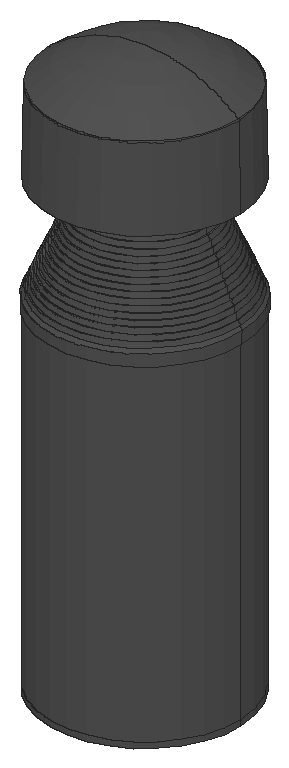
Revit family "0047942 Sylvania Lighting Fixture START Bollard M IP65 1100lm 840 BLK", category Lighting Fixtures, host Face, Revit 2016
Family settings
  Host = Face
  Part Type = Normal
  Round Connector Dimension = Use Diameter
  OmniClass Number = 23.80.70.00
  OmniClass Title = Lighting
  Cut with Voids When Loaded = No
  Light Source = Yes
  Shared = No
  Room Calculation Point = No
Parameters (values of type "0047942 ST BLLRD M IP65 1100LM 840 BLK")
  Weight = "5.5 kg"
  Wattage Comments = ""
  Wattage = 25.82 W
  WarrantyStartDate [instance] = "n/a"
  WarrantyGuarantorParts = "n/a"
  WarrantyDurationUnit = "n/a"
  WarrantyDurationParts = "n/a"
  WarrantyDescription = "n/a"
  built-in parameter 1150110 = 1 (stored number, unit not read)
  Voltage = 0 V
  URL = "http://www.sylvania-lighting.com"
  TypeName = "START Bollard M IP65 1100lm 840 BLK"
  Type Image = <None>
  Type Comments = "n/a"
  built-in parameter 1114217 = 1 (stored number, unit not read)
  Tilt Angle = 90.00°
  built-in parameter 1150109 = 1 (stored number, unit not read)
  built-in parameter 1150134 = 12
  built-in parameter 1150113 = 1 (stored number, unit not read)
  SerialNumber [instance] = "n/a"
  Photometric Web File = "0047942.ies"
  Material_3_FEILO = none
  PowerFactor = 0
  PowerConsumption = "25.82 W"
  NominalLength = 168 mm
  NominalHeight = 500 mm
  NominalDepth = 168 mm
  Name = "START Bollard M IP65 1100lm 840 BLK"
  ModelReference = Name  # "START Bollard M IP65 1100lm 840 BLK"
  ModelNumber = "0047942"
  Model = Name  # "START Bollard M IP65 1100lm 840 BLK"
  Material = "n/a"
  ManufacturerName = "Feilo Sylvania"
  Manufacturer = "Feilo Sylvania"
  LuminousEfficacy = "42.42 lm/W"
  built-in parameter 1150105 = 313.92 (stored number, unit not read)
  Lumens = 1095.28 lm
  LuminaireType = ""
  built-in parameter 1150115 = 1 (stored number, unit not read)
  LightOutputRatio = "n/a"
  built-in parameter 1150137 = (empty or 0)
  built-in parameter 1150139 = (empty or 0)
  LampsType = Lamp  # "LED"
  LampNominalLuminous = "n/a"
  LampMacAdamStep = "n/a"
  LampColourTemperature = "4000 K"
  LampColourRenderingIndex = "80"
  built-in parameter 1150112 = 1 (stored number, unit not read)
  built-in parameter 1150114 = 1 (stored number, unit not read)
  Lamp = "LED"
  Keynote = "16500"
  InstallationDate [instance] = "n/a"
  InputVoltage = "220-240V~"
  InputNominalFrequency = "50/60 Hz"
  built-in parameter 1150132 = (empty or 0)
  built-in parameter 1150102 = (empty or 0)
  built-in parameter 1150107 = 4000 (stored number, unit not read)
  built-in parameter 1150138 = (empty or 0)
  IngressProtection = "IK10"
  ImpactProtectionIndex = "IP65"
  built-in parameter 1150106 = 3.1392 (stored number, unit not read)
  IfcExportType = "IfcLightFixtureType"
  IfcExportAs = "IfcLightFixtureType"
  Height_SYL = 500 mm
  ExpectedLife = 50000
  built-in parameter 1150129 = 120 mm
  Emit Shape Visible in Rendering = no
  ElectricShockClassification = "Class I"
  built-in parameter 1150104 = 3.9409 (stored number, unit not read)
  DurationUnit = "hours"
  DocumentationLiterature = "http://www.sylvania-lighting.com/product/en-int/products/0047942"
  DimmingControlOptions = "Non dimmable"
  Material_2_FEILO = Diffuser-Sylvania-StartBollardIP65
  Dimming Lamp Color Temperature Shift = <None>
  Description = "0"
  Default Elevation = 1219.2 mm
  CreatedOn = "9/20/2018"
  CreatedBy = "@sylvania-lighting.com"
  Cost = 0
  Color Filter = 16777215
  built-in parameter 1114216 [instance] = (empty or 0)
  ClassificationValue = "EF_70_80"
  ClassificationName = "Uniclass2015"
  Material_1_FEILO = Body-Sylvania-StartBollardIP65
  BarCode [instance] = "n/a"
  built-in parameter 1114218 = 1 (stored number, unit not read)
  Emit from Circle Diameter = 3048 mm
  AssetType = "Fixed"
  AssetIdentifier [instance] = "n/a"
  Assembly Code = "D5020200"
  Apparent Load = 25.82 VA
  Material_4_FEILO = none
Reference planes
  plane 1 "Center (Front/Back)": y = 0
  plane 2: z = 0
  plane 3 "Center (Left/Right)": x = 0
  plane 4: z = 5
  plane 5: x = -83.65
  plane 6: z = 500
  plane 7: z = 297
  plane 8: z = 307
  plane 9: x = -84.5
  plane 10: z = 310.3
  plane 11: x = -82.2
  plane 12: z = 314.7
  plane 13: z = 319.1
  plane 14: z = 323.5
  plane 15: z = 327.9
  plane 16: z = 332.3
  plane 17: z = 336.7
  plane 18: z = 341.1
  plane 19: z = 345.5
  plane 20: z = 349.9
  plane 21: z = 354.3
  plane 22: z = 358.7
  plane 23: z = 363.1
  plane 24: z = 367.5
  plane 25: z = 371.9
  plane 26: z = 376.3
  plane 27: z = 380.7
  plane 28: z = 385.1
  plane 29: z = 389.5
  plane 30: z = 393.9
  plane 31: z = 398.3
  plane 32: x = -81.2
  plane 33: x = -80.2
  plane 34: x = -79.2
  plane 35: x = -78.2
  plane 36: x = -77.2
  plane 37: x = -76.2
  plane 38: x = -75.2
  plane 39: x = -74.2
  plane 40: x = -73.2
  plane 41: x = -72.2
  plane 42: x = -71.2
  plane 43: x = -70.2
  plane 44: x = -69.2
  plane 45: x = -68.2
  plane 46: x = -67.2
  plane 47: x = -66.2
  plane 48: x = -65.2
  plane 49: x = -64.2
  plane 50: x = -63.2
  plane 51: x = -62.2
  plane 52: x = -61.2
  plane 53: x = -60.2
  plane 54: x = -59.2
  plane 55: x = -58.2
  plane 56: x = -57.2
  plane 57: x = -56.2
  plane 58: x = -55.2
  plane 59: x = -54.2
  plane 60: x = -53.2
  plane 61: x = -52.2
  plane 62: x = -51.2
  plane 63: x = -50.2
  plane 64: x = -49.2
  plane 65: x = -48.2
  plane 66: x = -47.2
  plane 67: x = -46.2
  plane 68: x = -45.2
  plane 69: x = -44.2
  plane 70: x = -43.2
  plane 71: x = -42.2
  plane 72: z = 470
  plane 73: z = 470.85
  plane 74: z = 428.3
  plane 75: z = 401.3
Forms (mm)
  Revolve 1, solid, material "Body-Sylvania-StartBollardIP65" <- "Material_1_FEILO"
    sketch origin (0, 0, 0) x (1, 0, 0) y (0, 0, 1)
      loop
        line (0, 5) -> (-83.65, 5) -> (-83.65, 0) -> (0, 0) -> (0, 5)
      axis (0, 5) -> (0, 0)
    angle from 360 to 0
  Revolve 2, solid, material "Body-Sylvania-StartBollardIP65" <- "Material_1_FEILO"
    sketch origin (0, 0, 0) x (1, 0, 0) y (0, 0, 1)
      loop
        line (0, 5) -> (0, 307) -> (-84.5, 307) -> (-84.5, 297) -> (-83.65, 297) -> (-83.65, 5) -> (0, 5)
      axis (0, 307) -> (0, 5)
    angle from 360 to 0
  Revolve 3, solid, material "Body-Sylvania-StartBollardIP65" <- "Material_1_FEILO", detail levels medium+fine
    sketch origin (0, 0, 0) x (1, 0, 0) y (0, 0, 1)
      loop
        line (-84.5, 307) -> (0, 307) -> (0, 428.3) -> (-43.2, 428.3) -> (-43.2, 398.3) -> (-44.2, 393.9) -> (-45.2, 393.9) -> (-46.2, 389.5) -> (-47.2, 389.5) -> (-48.2, 385.1) -> (-49.2, 385.1) -> (-50.2, 380.7) -> (-51.2, 380.7) -> (-52.2, 376.3) -> (-53.2, 376.3) -> (-54.2, 371.9) -> (-55.2, 371.9) -> (-56.2, 367.5) -> (-57.2, 367.5) -> (-58.2, 363.1) -> (-59.2, 363.1) -> (-60.2, 358.7) -> (-61.2, 358.7) -> (-62.2, 354.3) -> (-63.2, 354.3) -> (-64.2, 349.9) -> (-65.2, 349.9) -> (-66.2, 345.5) -> (-67.2, 345.5) -> (-68.2, 341.1) -> (-69.2, 341.1) -> (-70.2, 336.7) -> (-71.2, 336.7) -> (-72.2, 332.3) -> (-73.2, 332.3) -> (-74.2, 327.9) -> (-75.2, 327.9) -> (-76.2, 323.5) -> (-77.2, 323.5) -> (-78.2, 319.1) -> (-79.2, 319.1) -> (-80.2, 314.7) -> (-81.2, 314.7) -> (-82.2, 310.3) -> (-84.5, 307)
      axis (0, 428.3) -> (0, 307)
    angle from 360 to 0
  Revolve 4, solid, material "Body-Sylvania-StartBollardIP65" <- "Material_1_FEILO"
    sketch origin (0, 0, 0) x (1, 0, 0) y (0, 0, 1)
      loop
        line (-83.65, 398.3) -> (-80.2, 398.3) -> (-80.2, 428.3) -> (0, 428.3) -> (0, 500)
        arc (0, 500) -> (-43.385, 492.494) -> (-81.727, 470.85) r 129.142
        arc (-81.727, 470.85) -> (-82.074, 470.486) -> (-82.2, 470) r 1
        line (-82.2, 470) -> (-83.65, 398.3)
      axis (0, 500) -> (0, 398.3)
    angle from 360 to 0
  Revolve 5, solid, material "Body-Sylvania-StartBollardIP65" <- "Material_1_FEILO", detail levels coarse
    sketch origin (0, 0, 0) x (1, 0, 0) y (0, 0, 1)
      loop
        line (0, 307) -> (0, 428.3) -> (-43.2, 428.3) -> (-43.2, 398.3) -> (-84.5, 307) -> (0, 307)
      axis (0, 428.3) -> (0, 307)
    angle from 360 to 0
  Revolve 6, solid, material "Diffuser-Sylvania-StartBollardIP65" <- "Material_2_FEILO"
    sketch origin (0, 0, 0) x (1, 0, 0) y (0, 0, 1)
      loop
        line (-80.2, 401.3) -> (-80.2, 398.3) -> (-43.2, 398.3) -> (-43.2, 401.3) -> (-80.2, 401.3)
      axis (0, 401.3) -> (0, 398.3)
    angle from 360 to 0
Dimensions and locks
  locked: plane 4 to plane 2 at 5
  plane 3 "Center (Left/Right)" to plane 5 = 83.65 mm
  "Height_SYL": plane 6 to plane 2
  locked: plane 3 "Center (Left/Right)" to plane 9 at 84.5
  plane 3 "Center (Left/Right)" to plane 11 = 82.2 mm
  locked: plane 11 to plane 9 at 2.3
  plane 10 to plane 8 to plane 7 = 3.3 mm locked, 10 mm locked
  plane 5 to plane 9 = 0.85 mm
  equal spacing: plane 31, plane 30, plane 29, plane 28, plane 27, plane 26, plane 25, plane 24, plane 23, plane 22, plane 21, plane 20, plane 19, plane 18, plane 17, plane 16, plane 15, plane 14, plane 13, plane 12, plane 10, locked at 4.4 each
  locked: plane 31 to plane 8 at 91.3
  equal spacing: plane 67, plane 66, plane 65, plane 64, plane 63, plane 62, plane 61, plane 60, plane 59, plane 58, plane 57, plane 56, plane 55, plane 54, plane 53, plane 52, plane 51, plane 50, plane 49, plane 48, plane 47, plane 46, plane 45, plane 44, plane 43, plane 42, plane 41, plane 40, plane 39, plane 38, plane 37, plane 36, plane 35, plane 34, plane 33, plane 32, plane 11
  equal spacing: plane 70, plane 69, plane 68, plane 67
  locked: plane 71 to plane 70 at 1
  locked: plane 67 to plane 11 at 36
  locked: plane 70 to plane 67 at 3
  locked: plane 6 to plane 72 at 30
  locked: plane 73 to plane 72 at 0.85
  locked: plane 74 to plane 31 at 30
  locked: plane 75 to plane 31 at 3
  locked: plane 6 to plane 7 at 203
  aligned and locked: plane 2 to host face
  aligned and locked: level to host face
  aligned and locked: Revolve 1 sketch curve to plane 3 "Center (Left/Right)"
  aligned and locked: plane 4 to Revolve 1 sketch curve
  aligned and locked: plane 3 "Center (Left/Right)" to Revolve 1 sketch curve
  aligned and locked: Revolve 1 sketch curve to level
  aligned and locked: Revolve 1 sketch curve to plane 5
  aligned and locked: Revolve 2 sketch curve to plane 3 "Center (Left/Right)"  (x2)
  aligned and locked: plane 3 "Center (Left/Right)" to Revolve 2 sketch curve
  aligned and locked: Revolve 2 sketch curve to Revolve 1  (x2)
  aligned and locked: plane 8 to Revolve 2 sketch curve
  aligned and locked: plane 9 to Revolve 2 sketch curve
  aligned and locked: Revolve 3 sketch curve to Revolve 2  (x2)
  aligned and locked: plane 11 to Revolve 3 sketch curve
  aligned and locked: plane 12 to Revolve 3 sketch curve
  aligned and locked: plane 34 to Revolve 3 sketch curve
  aligned and locked: Revolve 3 sketch curve to plane 13
  aligned and locked: plane 14 to Revolve 3 sketch curve
  aligned and locked: plane 15 to Revolve 3 sketch curve
  aligned and locked: plane 16 to Revolve 3 sketch curve
  aligned and locked: plane 41 to Revolve 3 sketch curve
  aligned and locked: plane 42 to Revolve 3 sketch curve
  aligned and locked: plane 43 to Revolve 3 sketch curve
  aligned and locked: Revolve 3 sketch curve to plane 17
  aligned and locked: plane 44 to Revolve 3 sketch curve
  aligned and locked: Revolve 3 sketch curve to plane 18
  aligned and locked: plane 19 to Revolve 3 sketch curve
  aligned and locked: plane 47 to Revolve 3 sketch curve
  aligned and locked: plane 48 to Revolve 3 sketch curve
  aligned and locked: plane 50 to Revolve 3 sketch curve
  aligned and locked: plane 51 to Revolve 3 sketch curve
  aligned and locked: plane 52 to Revolve 3 sketch curve
  aligned and locked: Revolve 3 sketch curve to plane 22
  aligned and locked: plane 23 to Revolve 3 sketch curve
  aligned and locked: plane 24 to Revolve 3 sketch curve
  aligned and locked: plane 25 to Revolve 3 sketch curve
  aligned and locked: plane 60 to Revolve 3 sketch curve
  aligned and locked: plane 61 to Revolve 3 sketch curve
  aligned and locked: Revolve 3 sketch curve to plane 26
  aligned and locked: plane 27 to Revolve 3 sketch curve
  aligned and locked: plane 64 to Revolve 3 sketch curve
  aligned and locked: plane 65 to Revolve 3 sketch curve
  aligned and locked: Revolve 3 sketch curve to plane 28
  aligned and locked: plane 66 to Revolve 3 sketch curve
  aligned and locked: plane 67 to Revolve 3 sketch curve
  aligned and locked: Revolve 3 sketch curve to plane 29
  aligned and locked: plane 30 to Revolve 3 sketch curve
  aligned and locked: plane 70 to Revolve 3 sketch curve
  aligned and locked: Revolve 2 to Revolve 3 sketch curve
  aligned and locked: Revolve 3 sketch curve to plane 3 "Center (Left/Right)"  (x2)
  aligned and locked: Revolve 4 sketch curve to plane 3 "Center (Left/Right)"  (x2)
  aligned and locked: plane 11 to Revolve 4 sketch curve
  aligned and locked: plane 73 to Revolve 4 sketch curve
  aligned and locked: Revolve 5 sketch curve to plane 3 "Center (Left/Right)"
  aligned and locked: plane 3 "Center (Left/Right)" to Revolve 5 sketch curve  (x2)
  aligned and locked: Revolve 5 sketch curve to Revolve 2  (x2)
  aligned and locked: plane 3 "Center (Left/Right)" to imposter light
  aligned and locked: plane 31 to imposter light
  aligned and locked: imposter light to plane 1 "Center (Front/Back)"
  aligned and locked: Revolve 3 sketch curve to plane 74
  aligned and locked: plane 74 to Revolve 5 sketch curve
  aligned and locked: Revolve 5 sketch curve to Revolve 3  (x2)
  aligned and locked: Revolve 4 sketch curve to plane 31
  aligned and locked: plane 33 to Revolve 4 sketch curve
  aligned and locked: Revolve 4 sketch curve to plane 74
  aligned and locked: Revolve 6 sketch curve to plane 3 "Center (Left/Right)"
  aligned and locked: Revolve 6 sketch curve to plane 75
  aligned and locked: plane 33 to Revolve 6 sketch curve
  aligned and locked: Revolve 6 sketch curve to Revolve 3  (x2)
Automatic sketch dimensions
  host sketch curve to host sketch curve = 2438.4 mm  (x2)
  Revolve 1 sketch curve to level = 609.6 mm
  plane 6 to Revolve 1 sketch curve = 1609.058 mm
  Revolve 2 sketch curve to plane 7 = 0 mm
  Revolve 2 sketch curve to level = 609.6 mm
  plane 6 to Revolve 2 sketch curve = 1609.058 mm
  Revolve 3 sketch curve to plane 32 = 0 mm
  Revolve 3 sketch curve to plane 33 = 0 mm
  Revolve 3 sketch curve to plane 35 = 0 mm
  Revolve 3 sketch curve to plane 36 = 0 mm
  Revolve 3 sketch curve to plane 37 = 0 mm
  Revolve 3 sketch curve to plane 38 = 0 mm
  Revolve 3 sketch curve to plane 39 = 0 mm
  Revolve 3 sketch curve to plane 40 = 0 mm
  Revolve 3 sketch curve to plane 45 = 0 mm
  Revolve 3 sketch curve to plane 46 = 0 mm
  Revolve 3 sketch curve to plane 20 = 0 mm
  Revolve 3 sketch curve to plane 49 = 0 mm
  Revolve 3 sketch curve to plane 53 = 0 mm
  Revolve 3 sketch curve to plane 54 = 0 mm
  Revolve 3 sketch curve to plane 55 = 0 mm
  Revolve 3 sketch curve to plane 56 = 0 mm
  Revolve 3 sketch curve to plane 57 = 0 mm
  Revolve 3 sketch curve to plane 58 = 0 mm
  Revolve 3 sketch curve to plane 59 = 0 mm
  Revolve 3 sketch curve to plane 62 = 0 mm
  Revolve 3 sketch curve to plane 63 = 0 mm
  Revolve 3 sketch curve to plane 68 = 0 mm
  Revolve 3 sketch curve to plane 69 = 0 mm
  Revolve 3 sketch curve to plane 3 "Center (Left/Right)" = 0 mm
  Revolve 3 sketch curve to plane 10 = 0 mm
  Revolve 3 sketch curve to plane 21 = 0 mm
  Revolve 3 sketch curve to plane 31 = 0 mm
  Revolve 3 sketch curve to level = 609.6 mm
  plane 6 to Revolve 3 sketch curve = 1609.058 mm
  Revolve 5 sketch curve to plane 31 = 0 mm
  Revolve 5 sketch curve to level = 609.6 mm
  plane 6 to Revolve 5 sketch curve = 1609.058 mm
  Revolve 4 sketch curve to plane 5 = 0 mm
  Revolve 4 sketch curve to plane 32 = 0 mm
  Revolve 4 sketch curve to plane 72 = 0 mm
  Revolve 4 sketch curve to plane 6 = 0 mm
  Revolve 4 sketch curve to level = 609.6 mm
  Revolve 4 sketch curve to Revolve 4 sketch curve = 1609.058 mm
  Revolve 6 sketch curve to level = 609.6 mm
  plane 6 to Revolve 6 sketch curve = 1609.058 mm
Connectors
  electrical at (0, 0, 0), driven by "Apparent Load", driven by "PowerFactor", driven by "Voltage"
    settings: index 1, voltage 0 V, apparent load 25.82 VA, apparent load phase1 0 VA, apparent load phase2 0 VA, apparent load phase3 0 VA, power factor 0, load classification "Lighting", number of poles 1, system type 30, power factor state 1, is connector primary yes, connector utility no, sub classification motor no, connector description ""
